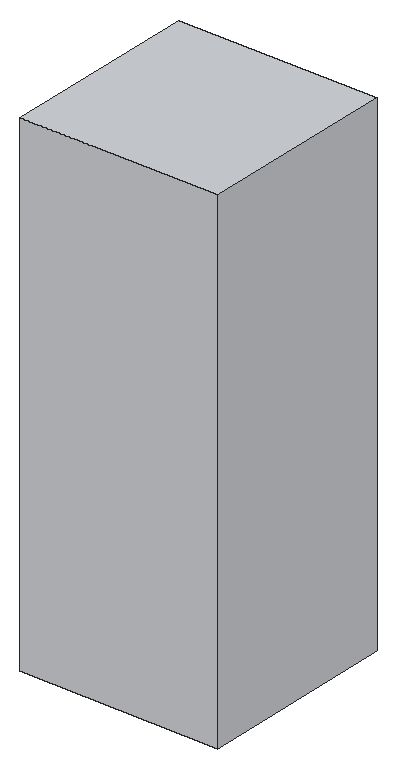
Revit family "XXX_FMI_Schrank", category Datengeräte, Revit 2015
Parameters (values of type "800x800x2000 (BxTxH) Reserve")
  UK_Schrank = 0 mm
  Tür vorne = no
  Tür hinten = no
  Tiefe = 800 mm
  OK_Schrank = UK_Schrank + Höhe  # 2000 mm
  Höhe = 2000 mm
  Doppeltür hinten = no
  Doppeltür Vorne = no
  Breite = 800 mm
  Beschriftung = "R"
  Anschlussdose = no
Types (6, lengths in mm): name | Tür vorne | Tür hinten | Doppeltür hinten | Doppeltür Vorne | Breite | Beschriftung | Anschlussdose
  800x800x2000 (BxTxH) Einfachtür | yes | no | no | no | 800 | "D" | yes
  800x800x2000 (BxTxH) Doppeltür | no | no | no | yes | 800 | "D" | yes
  800x800x2000 (BxTxH) Einfachtür, beidseitig | yes | yes | no | no | 800 | "D" | yes
  800x800x2000 (BxTxH) Doppeltür, beidseitig | no | no | yes | yes | 800 | "D" | yes
  800x800x2000 (BxTxH) Reserve | no | no | no | no | 800 | "R" | no
  300x800x2000 (BxTxH) Kabelschrank | no | no | no | no | 300 | "K" | no
Reference planes
  plane 1 "Mitte (Vorne/Hinten)": y = 0
  plane 2: z = 0
  plane 3 "Mitte (Links/Rechts)": x = 0
  plane 4 "hinten": y = 400
  plane 5 "vorne": y = -400
  plane 6 "links": x = -400
  plane 7 "rechts": x = 400
  plane 8: y = 1200
  plane 9: y = -1200
  plane 10: y = 800
  plane 11: y = -800
  plane 12: z = 2000
  plane 13 "UK_Schrank": z = 0
Forms (mm)
  Extrusion 1, solid
    sketch origin (0, 0, 0) x (1, 0, 0) y (0, 1, 0)
      loop
        line (-400, 400) -> (-400, -400) -> (400, -400) -> (400, 400) -> (-400, 400)
    from 0 <- "UK_Schrank" to 2000 <- "OK_Schrank"
Lines and regions (mm)
  symbolic lines, style "gestrichelte Linie", visible <- "Tür hinten"
    curve 1: line (-400, 400, 0) -> (-400, 1200, 0)
    curve 3: arc (400, 400, 0) -> (165.685, 965.685, 0) -> (-400, 1200, 0) r 800
  symbolic lines, style "gestrichelte Linie", visible <- "Tür vorne"
    curve 2: line (-400, -400, 0) -> (-400, -1200, 0)
    curve 4: arc (-400, -1200, 0) -> (165.685, -965.685, 0) -> (400, -400, 0) r 800
  symbolic lines, style "gestrichelte Linie", visible <- "Doppeltür hinten"
    curve 5: line (-400, 400, 0) -> (-400, 800, 0)
    curve 6: line (400, 400, 0) -> (400, 800, 0)
    curve 9: arc (0, 400, 0) -> (-117.157, 682.843, 0) -> (-400, 800, 0) r 400
    curve 10: arc (400, 800, 0) -> (117.157, 682.843, 0) -> (0, 400, 0) r 400
  symbolic lines, style "gestrichelte Linie", visible <- "Doppeltür Vorne"
    curve 7: line (-400, -400, 0) -> (-400, -800, 0)
    curve 8: line (400, -400, 0) -> (400, -800, 0)
    curve 11: arc (0, -400, 0) -> (117.157, -682.843, 0) -> (400, -800, 0) r 400
    curve 12: arc (-400, -800, 0) -> (-117.157, -682.843, 0) -> (0, -400, 0) r 400
Dimensions and locks
  "Breite": plane 6 "links" to plane 7 "rechts"
  "Tiefe": plane 4 "hinten" to plane 5 "vorne"
  equal spacing: plane 6 "links", plane 3 "Mitte (Links/Rechts)", plane 7 "rechts"
  equal spacing: plane 4 "hinten", plane 1 "Mitte (Vorne/Hinten)", plane 5 "vorne"
  "Breite": plane 8 to plane 4 "hinten"
  "Breite": plane 5 "vorne" to plane 9
  equal spacing: plane 8, plane 10, plane 4 "hinten"
  equal spacing: plane 5 "vorne", plane 11, plane 9
  plane 7 "rechts" to plane 6 "links" = 800 mm
  "OK_Schrank": plane 2 to plane 12
  "UK_Schrank": level to plane 13 "UK_Schrank"
  aligned and locked: level to plane 2
Automatic sketch dimensions
  Extrusion 1 sketch curve to plane 4 "hinten" = 0 mm
  Extrusion 1 sketch curve to plane 5 "vorne" = 0 mm
  Extrusion 1 sketch curve to plane 6 "links" = 0 mm
  Extrusion 1 sketch curve to plane 7 "rechts" = 0 mm
  curve 3 to curve 9 = 0 mm  (x2)
  curve 4 to curve 12 = 0 mm  (x2)
  curve 1 to plane 4 "hinten" = 0 mm
  curve 1 to plane 6 "links" = 0 mm
  curve 2 to plane 5 "vorne" = 0 mm
  curve 7 to plane 5 "vorne" = 0 mm
  curve 7 to plane 6 "links" = 0 mm
  curve 10 to plane 3 "Mitte (Links/Rechts)" = 0 mm
  curve 11 to plane 3 "Mitte (Links/Rechts)" = 0 mm
  curve 12 to plane 3 "Mitte (Links/Rechts)" = 0 mm
  curve 6 to plane 4 "hinten" = 0 mm
  curve 6 to plane 7 "rechts" = 0 mm
  curve 11 to plane 5 "vorne" = 0 mm
  curve 11 to plane 7 "rechts" = 0 mm
  curve 4 to plane 7 "rechts" = 0 mm
  curve 3 to plane 4 "hinten" = 0 mm
  curve 3 to plane 7 "rechts" = 0 mm
  curve 8 to plane 5 "vorne" = 0 mm
  curve 5 to plane 4 "hinten" = 0 mm
  curve 10 to plane 4 "hinten" = 0 mm
Nested families
  nested 1: "Schaltschranktext" at (0, 0, 0), type "Schaltschranktext"
Connectors
  electrical at (0, 0, 0)
    settings: index 1, voltage 0 V, apparent load 0 VA, apparent load phase1 0 VA, apparent load phase2 0 VA, apparent load phase3 0 VA, power factor 1, load classification "Sonstige", number of poles 1, system type 5, power factor state 1, is connector primary yes, connector utility yes, sub classification motor no, connector description ""
Definition of nested family "Schaltschranktext"
  Parameters
    Typ = ""
  Reference planes
    plane 1: y = 0
    plane 2: x = 0
  Lines and regions (mm)
    reference lines, not visible
      curve 1: line (-3.597, 18.061, 0) -> (3.76, 18.061, 0)
  Text (mm)
    label "Typ" at (0.096, -0.1, 0), shows "Typ"
    text "B" at (0.193, 23.67, 0), not visible
